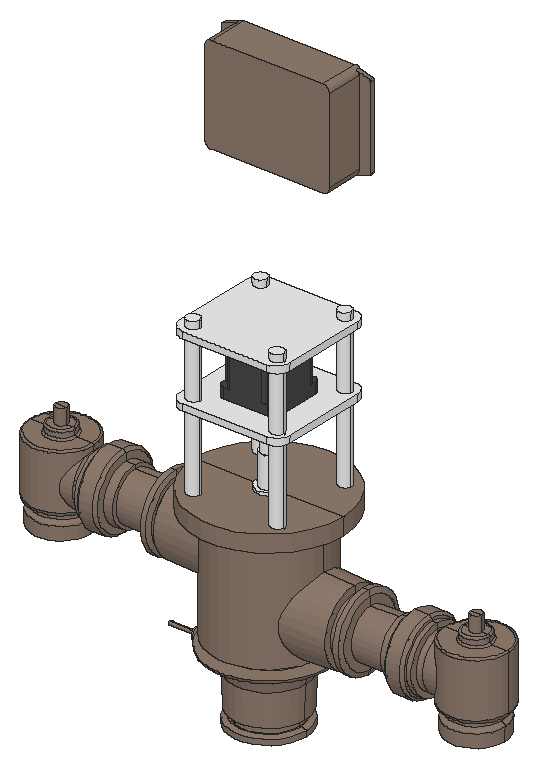
Revit family "Plumbing_Valves_Leonard-Valve_Proton-PNV-150-LF", category Pipe Accessories, Revit 2018
Family settings
  Round Connector Dimension = Use Diameter
  Part Type = Normal
  OmniClass Number = 23.65.55.14.24
  OmniClass Title = Mixing Valves for Liquid Services
  Work Plane-Based = No
  Always vertical = Yes
  Cut with Voids When Loaded = No
  Shared = No
Parameters (values of type "PNV-150-LF")
  Water Pressure Maximum = 200.0 psi  # constant formula
  URL = "http://www.leonardvalve.com"
  Product data url = "https://www.bimobject.com/leonardvalvecompany/product/pnv-150-lf"
  Product Page URL = "https://www.leonardvalve.com/products/lines/228/product/4877"
  Product Material = Bronze - Leonard Valve Company
  Product Guid = "df3a3367-1c00-4cca-b0e1-3d112534a40f"
  Piping Method = "Method W"  # constant formula
  Outlet Temperature Range = "65°F-180°F"  # constant formula
  Outlet = 1 1/2"
  Offset = 0"
  Model = "PNV-150-LF"
  Mixed Water Outlet Flow [instance] = 0.0 GPM
  Minimum Flow Rate = 0.25 GPM  # constant formula
  Maximum Pressure Drop = 50.0 psi  # constant formula
  Maximum Flow Rate = 165.0 GPM  # constant formula
  Manufacturer = "Leonard Valve"  # constant formula
  Keynote = "15400"
  Inlet = 1 1/4"
  Hot Water Inlet Flow [instance] = 0.0 GPM
  Hot Inlet Temperature Range = "120°F-180°F"  # constant formula
  Edition number = 1
  Description = "Proton-PNV-150-LF"
  Cold Water Inlet Flow [instance] = 0.0 GPM
  Cold Inlet Temperature Range = "39°F-80°F"  # constant formula
  Assembly Code = "D2090800"
Reference planes (in)
  plane 1 "Center (Front/Back)": y = 0
  plane 2: z = 0
  plane 3 "Center (Left/Right)": x = 0
  plane 4: y = 0
Dimensions and locks (in)
  "Offset": plane 4 to plane 1 "Center (Front/Back)"
  aligned and locked: level to plane 2
  aligned and locked: plane 4 to nested 1
  aligned and locked: plane 3 "Center (Left/Right)" to nested 1
Nested families (in)
  nested 1: "MEGATRON-PNV-150-LF-M Test" at (10.6363, 4.5125, 0), type "MEGATRON-PNV-150-LF-M Test"
Connectors (in)
  piping at (-8, -0.00492, 31.47458), diameter 1.25, driven by "Inlet", driven by "Hot Water Inlet Flow"
    settings: on nested 1, index 1, connector inside diameter 609.6 mm, connector length 0", flow factor 0, pipe flow 0.0 GPM, pressure drop 0.0 psi, fitting loss kfactor 0, connector angle 0.00°, fixture units 0, engagement length 0", angle of deflection 0.00°, flow configuration 0, flow direction 1, fitting loss method 0, system type 19, joint type 0, gender type 0, connector reference index -1, connector utility 0, adjustable connector no, is connector primary yes, connector description "Hot Water Inlet"
  piping at (0, 0, 27.32583), diameter 1.5, driven by "Outlet", driven by "Mixed Water Outlet Flow"
    settings: on nested 1, index 2, connector inside diameter 609.6 mm, connector length 0", flow factor 0, pipe flow 0.0 GPM, pressure drop 0.0 psi, fitting loss kfactor 0, connector angle 0.00°, fixture units 0, engagement length 0", angle of deflection 0.00°, flow configuration 0, flow direction 2, fitting loss method 0, system type 7, joint type 0, gender type 0, connector reference index -1, connector utility 0, adjustable connector no, is connector primary no, connector description "Mixed Water Outlet"
  piping at (8, -0.00492, 29.92458), diameter 1.25, driven by "Inlet", driven by "Cold Water Inlet Flow"
    settings: on nested 1, index 3, connector inside diameter 609.6 mm, connector length 0", flow factor 0, pipe flow 0.0 GPM, pressure drop 0.0 psi, fitting loss kfactor 0, connector angle 0.00°, fixture units 0, engagement length 0", angle of deflection 0.00°, flow configuration 0, flow direction 1, fitting loss method 0, system type 20, joint type 0, gender type 0, connector reference index -1, connector utility 0, adjustable connector no, is connector primary no, connector description "Cold Water Inlet"
Definition of nested family "MEGATRON-PNV-150-LF-M Test"
  Parameters (values of type "MEGATRON-PNV-150-LF-M Test")
    Product Material = none
  Reference planes (in)
    plane 1 "Center (Front/Back)": y = 0
    plane 2: z = 0
    plane 3 "Center (Left/Right)": x = 0
    plane 4 "Ref plane 1": y = -4.5125
    plane 5 "vertical 1": x = -10.6363
    plane 6 "Horizontal 1": z = 18.9
    plane 7 "ref pl 2": y = -8.0675
  Forms (in)
    Revolve 1, solid, material <- "Product Material", detail levels fine
      sketch origin (-23.98912, -4.51742, 8.84791) x (-1, 0, 0) y (0, 0, 1)
        loop
          line (-5.35282, 26.67286) -> (-5.35282, 22.62667) -> (-4.2347, 22.62667) -> (-4.2347, 23.12524)
          spline (-4.2347, 23.12524) -> (-4.23976, 23.15446) -> (-4.24769, 23.17031) -> (-4.25842, 23.18282) -> (-4.27256, 23.19168) -> (-4.2884, 23.19699) -> (-4.30432, 23.20125) -> (-4.31883, 23.20633) -> (-4.33426, 23.21498) -> (-4.3491, 23.22551) -> (-4.36021, 23.2374) -> (-4.36721, 23.2496) -> (-4.37821, 23.29254)
          line (-4.37821, 23.29254) -> (-4.37821, 23.41278)
          spline (-4.37821, 23.41278) -> (-4.35846, 23.4691) -> (-4.33929, 23.4928) -> (-4.3143, 23.5105) -> (-4.28604, 23.52189) -> (-4.25635, 23.52638) -> (-4.22464, 23.52721) -> (-4.19488, 23.53174) -> (-4.16669, 23.54345) -> (-4.14196, 23.56165) -> (-4.12275, 23.58539) -> (-4.10889, 23.61502) -> (-4.10259, 23.65317)
          line (-4.10259, 23.65317) -> (-4.10259, 25.72351)
          arc (-4.10259, 25.72351) -> (-4.1205, 25.76675) -> (-4.16375, 25.78467) r 0.06116
          line (-4.16375, 25.78467) -> (-4.76503, 25.78467)
          arc (-4.76503, 25.78467) -> (-4.81044, 25.80347) -> (-4.82924, 25.84888) r 0.06421
          line (-4.82924, 25.84888) -> (-4.82924, 26.03478)
          arc (-4.82924, 26.03478) -> (-4.84737, 26.07854) -> (-4.89113, 26.09667) r 0.06188
          line (-4.89113, 26.09667) -> (-5.13833, 26.09667) -> (-5.13833, 26.67286) -> (-5.35282, 26.67286)
        axis (-5.35282, 26.67286) -> (-5.35282, 22.62667)
      angle from 0 to 360
    Revolve 2, solid, material <- "Product Material", detail levels fine
      sketch origin (-0.25, -4.5125, 0.70312) x (0, 0, -1) y (-1, 0, 0)
        loop
          line (-34.79145, 10.3863) -> (-26.6227, 10.3863) -> (-26.6227, 11.6363) -> (-26.69308, 11.82967) -> (-26.89607, 11.82967) -> (-26.96645, 11.6363) -> (-26.96645, 11.57531) -> (-27.26645, 11.57531) -> (-27.26645, 11.78713) -> (-28.51219, 11.8226) -> (-29.26645, 12.02471) -> (-29.26645, 12.56532)
          arc (-29.26645, 12.56532) -> (-29.30306, 12.65371) -> (-29.39145, 12.69032) r 0.125
          line (-29.39145, 12.69032) -> (-29.39145, 12.01585) -> (-29.70395, 12.01585) -> (-29.70395, 12.51585) -> (-34.02216, 12.51585) -> (-34.02216, 12.59998)
          arc (-34.02216, 12.59998) -> (-34.11028, 12.63401) -> (-34.14713, 12.72098) r 0.12106
          line (-34.14713, 12.72098) -> (-34.14713, 13.2671) -> (-34.79145, 13.2671) -> (-34.79145, 10.3863)
        axis (-34.79145, 10.3863) -> (-26.6227, 10.3863)
      angle from 0 to 360
    Extrusion 3, solid, detail levels fine
      sketch origin (-2.06842, 0, 7.48958) x (1, 0, 0) y (0, 1, 0)
        loop
          line (-6.44287, -6.1425) -> (-6.44287, -2.8925)
          arc (-6.44287, -2.8925) -> (-6.58932, -2.53895) -> (-6.94287, -2.3925) r 0.5
          line (-6.94287, -2.3925) -> (-10.19287, -2.3925)
          arc (-10.19287, -2.3925) -> (-10.54643, -2.53895) -> (-10.69287, -2.8925) r 0.5
          line (-10.69287, -2.8925) -> (-10.69287, -6.1425)
          arc (-10.69287, -6.1425) -> (-10.54643, -6.49605) -> (-10.19287, -6.6425) r 0.5
          line (-10.19287, -6.6425) -> (-6.94287, -6.6425)
          arc (-6.94287, -6.6425) -> (-6.58932, -6.49605) -> (-6.44287, -6.1425) r 0.5
      from 33.51042 to 33.76042
    Extrusion 4, solid, detail levels fine
      sketch origin (-2.06842, 0, 4.98958) x (1, 0, 0) y (0, 1, 0)
        loop
          line (-10.69287, -2.8925) -> (-10.69287, -6.1425)
          arc (-10.69287, -6.1425) -> (-10.54643, -6.49605) -> (-10.19287, -6.6425) r 0.5
          line (-10.19287, -6.6425) -> (-6.94287, -6.6425)
          arc (-6.94287, -6.6425) -> (-6.58932, -6.49605) -> (-6.44287, -6.1425) r 0.5
          line (-6.44287, -6.1425) -> (-6.44287, -2.8925)
          arc (-6.44287, -2.8925) -> (-6.58932, -2.53895) -> (-6.94287, -2.3925) r 0.5
          line (-6.94287, -2.3925) -> (-10.19287, -2.3925)
          arc (-10.19287, -2.3925) -> (-10.54643, -2.53895) -> (-10.69287, -2.8925) r 0.5
      from 33.51042 to 33.76042
    Extrusion 5, solid, detail levels fine
      sketch origin (-2.06842, -3.75, 7.48958) x (1, 0, 0) y (0, 1, 0)
        loop
          circle (-10.19582, -2.39297) r 0.25
        loop
          circle (-6.94504, -2.3913) r 0.25
        loop
          circle (-10.19582, 0.86797) r 0.25
        loop
          circle (-6.94504, 0.8663) r 0.25
      from 27.36 to 34.01162
    Extrusion 6, solid, detail levels fine
      sketch origin (-2.04976, 0, 36.98958) x (1, 0, 0) y (0, 1, 0)
        loop
          line (-9.21012, -5.6275) -> (-7.95835, -5.6275)
          arc (-7.95835, -5.6275) -> (-7.87483, -5.59291) -> (-7.84024, -5.50939) r 0.11811
          line (-7.84024, -5.50939) -> (-7.84024, -5.45835)
          arc (-7.84024, -5.45835) -> (-7.78258, -5.31916) -> (-7.64338, -5.2615) r 0.19685
          line (-7.64338, -5.2615) -> (-7.59235, -5.2615)
          arc (-7.59235, -5.2615) -> (-7.50883, -5.22691) -> (-7.47424, -5.14339) r 0.11811
          line (-7.47424, -5.14339) -> (-7.47424, -3.89161)
          arc (-7.47424, -3.89161) -> (-7.50883, -3.80809) -> (-7.59235, -3.7735) r 0.11811
          line (-7.59235, -3.7735) -> (-7.64338, -3.7735)
          arc (-7.64338, -3.7735) -> (-7.78258, -3.71584) -> (-7.84024, -3.57665) r 0.19685
          line (-7.84024, -3.57665) -> (-7.84024, -3.52561)
          arc (-7.84024, -3.52561) -> (-7.87483, -3.44209) -> (-7.95835, -3.4075) r 0.11811
          line (-7.95835, -3.4075) -> (-9.21012, -3.4075)
          arc (-9.21012, -3.4075) -> (-9.29364, -3.44209) -> (-9.32824, -3.52561) r 0.11811
          line (-9.32824, -3.52561) -> (-9.32824, -3.57665)
          arc (-9.32824, -3.57665) -> (-9.38589, -3.71584) -> (-9.52509, -3.7735) r 0.19685
          line (-9.52509, -3.7735) -> (-9.57612, -3.7735)
          arc (-9.57612, -3.7735) -> (-9.65964, -3.80809) -> (-9.69424, -3.89161) r 0.11811
          line (-9.69424, -3.89161) -> (-9.69424, -5.14339)
          arc (-9.69424, -5.14339) -> (-9.65964, -5.22691) -> (-9.57612, -5.2615) r 0.11811
          line (-9.57612, -5.2615) -> (-9.52509, -5.2615)
          arc (-9.52509, -5.2615) -> (-9.38589, -5.31916) -> (-9.32824, -5.45835) r 0.19685
          line (-9.32824, -5.45835) -> (-9.32824, -5.50939)
          arc (-9.32824, -5.50939) -> (-9.29364, -5.59291) -> (-9.21012, -5.6275) r 0.11811
      from 2.15412 to 3.54304
    Revolve 7, solid, material <- "Product Material", detail levels fine
      sketch origin (-7.98888, -4.51742, 7.29791) x (-1, 0, 0) y (0, 0, 1)
        loop
          line (-5.35258, 26.67286) -> (-5.35258, 22.62667) -> (-4.23446, 22.62667) -> (-4.23446, 23.12524)
          spline (-4.23446, 23.12524) -> (-4.23953, 23.15446) -> (-4.24745, 23.17031) -> (-4.25819, 23.18282) -> (-4.27232, 23.19168) -> (-4.28816, 23.19699) -> (-4.30408, 23.20125) -> (-4.3186, 23.20633) -> (-4.33402, 23.21498) -> (-4.34886, 23.22551) -> (-4.35997, 23.2374) -> (-4.36697, 23.2496) -> (-4.37797, 23.29254)
          line (-4.37797, 23.29254) -> (-4.37797, 23.41278)
          spline (-4.37797, 23.41278) -> (-4.35822, 23.4691) -> (-4.33905, 23.4928) -> (-4.31406, 23.5105) -> (-4.2858, 23.52189) -> (-4.25611, 23.52638) -> (-4.2244, 23.52721) -> (-4.19464, 23.53174) -> (-4.16645, 23.54345) -> (-4.14172, 23.56165) -> (-4.12251, 23.58539) -> (-4.10865, 23.61502) -> (-4.10235, 23.65317)
          line (-4.10235, 23.65317) -> (-4.10235, 25.72351)
          arc (-4.10235, 25.72351) -> (-4.12026, 25.76675) -> (-4.16351, 25.78467) r 0.06116
          line (-4.16351, 25.78467) -> (-4.76479, 25.78467)
          arc (-4.76479, 25.78467) -> (-4.8102, 25.80347) -> (-4.829, 25.84888) r 0.06421
          line (-4.829, 25.84888) -> (-4.829, 26.03478)
          arc (-4.829, 26.03478) -> (-4.84713, 26.07854) -> (-4.89089, 26.09667) r 0.06188
          line (-4.89089, 26.09667) -> (-5.13809, 26.09667) -> (-5.13809, 26.67286) -> (-5.35258, 26.67286)
        axis (-5.35258, 26.67286) -> (-5.35258, 22.62667)
      angle from 0 to 360
    Revolve 8, solid, material <- "Product Material", detail levels fine
      sketch origin (0, -4.5125, 0) x (0, 0, -1) y (-1, 0, 0)
        loop
          line (-34.80958, 13.9363) -> (-34.88173, 12.07141) -> (-33.38684, 12.07141) -> (-33.38684, 18.10164) -> (-34.41828, 18.10164) -> (-34.41828, 17.38691)
          arc (-34.41828, 17.38691) -> (-34.31092, 17.2536) -> (-34.41828, 17.1203) r 0.13644
          line (-34.41828, 17.1203) -> (-34.63823, 17.1203) -> (-34.63823, 16.9233) -> (-34.74009, 16.9233) -> (-34.84009, 16.8233) -> (-34.84009, 16.2733) -> (-34.74009, 16.1733) -> (-34.46208, 16.1733) -> (-34.46208, 15.7953) -> (-34.33119, 15.7953) -> (-34.33119, 14.5003) -> (-34.64958, 14.5003) -> (-34.84295, 14.42991) -> (-34.84295, 14.22693) -> (-34.64958, 14.15655) -> (-34.55958, 14.15655) -> (-34.55958, 13.9363) -> (-34.80958, 13.9363)
        axis (-33.38684, 18.10164) -> (-33.38684, 12.07141)
      angle from 0 to 360
    Revolve 9, solid, material <- "Product Material", detail levels fine
      sketch origin (8.85, -4.5125, -1.41659) x (0, 0, -1) y (-1, 0, 0)
        loop
          line (-34.68458, 16.18873) -> (-34.43458, 16.18873) -> (-34.43458, 15.92105) -> (-34.52458, 15.92105) -> (-34.71795, 15.85066) -> (-34.71795, 15.64768) -> (-34.52458, 15.5773) -> (-34.20619, 15.5773) -> (-34.20619, 14.32973) -> (-34.33708, 14.32973) -> (-34.33708, 13.95173) -> (-34.58476, 13.95173) -> (-34.68979, 13.8467) -> (-34.68979, 13.30145) -> (-34.59007, 13.20173) -> (-34.51323, 13.20173) -> (-34.51323, 13.00473) -> (-34.29328, 13.00473)
          arc (-34.29328, 13.00473) -> (-34.18592, 12.87142) -> (-34.29328, 12.73811) r 0.13644
          line (-34.29328, 12.73811) -> (-34.29328, 12.02338) -> (-33.26184, 12.02338) -> (-33.26184, 18.05361) -> (-34.75673, 18.05361) -> (-34.68458, 16.18873)
        axis (-33.26184, 12.02338) -> (-33.26184, 18.05361)
      angle from 0 to 360
    Extrusion 10, solid, detail levels fine
      sketch origin (0, 0, 18.9) x (-1, 0, 0) y (0, -1, 0)
        loop
          line (9.774, 3.4075) -> (11.47852, 3.4075)
          arc (11.47852, 3.4075) -> (11.66624, 3.48526) -> (11.744, 3.67298) r 0.26548
          line (11.744, 3.67298) -> (11.744, 5.36358)
          arc (11.744, 5.36358) -> (11.6667, 5.5502) -> (11.48008, 5.6275) r 0.26392
          line (11.48008, 5.6275) -> (9.774, 5.6275)
          arc (9.774, 5.6275) -> (9.59722, 5.55428) -> (9.524, 5.3775) r 0.25
          line (9.524, 5.3775) -> (9.524, 3.6575)
          arc (9.524, 3.6575) -> (9.59722, 3.48072) -> (9.774, 3.4075) r 0.25
      from 19.85 to 20.2437
    Revolve 11, solid, material <- "Product Material", detail levels fine
      sketch origin (0, -4.5125, 48.75) x (0, 0, -1) y (-1, 0, 0)
        loop
          line (18.95566, 12.8266) -> (18.95566, 12.63684) -> (18.99697, 12.61172) -> (19.04987, 12.61172) -> (19.04987, 12.48672) -> (18.8297, 12.48672) -> (18.8297, 11.7952) -> (19.28042, 11.7952) -> (19.28042, 14.45172) -> (19.21669, 14.45172) -> (19.21669, 13.45172) -> (19.06216, 13.45172) -> (19.06216, 13.39325) -> (19.02783, 13.37343) -> (19.02783, 12.98172) -> (19.15297, 12.98172) -> (19.15297, 12.85172) -> (18.99917, 12.85172) -> (18.95566, 12.8266)
        axis (19.28042, 14.45172) -> (19.28042, 11.7952)
      angle from 0 to 360
    Revolve 12, solid, detail levels fine
      sketch origin (0, -4.5125, 48.75) x (0, 0, -1) y (-1, 0, 0)
        loop
          line (10.25, 10.6363) -> (13.25542, 10.6363) -> (13.25542, 11.13619) -> (13.15542, 11.13619) -> (13.15542, 10.97039) -> (11.97, 10.97039) -> (11.97, 10.92338) -> (11.22, 10.92338) -> (11.22, 10.87939) -> (11.06375, 10.87939) -> (11.06375, 10.76191) -> (10.92963, 10.76191) -> (10.81924, 10.82564) -> (10.25, 10.82564) -> (10.25, 10.6363)
        axis (13.25542, 10.6363) -> (10.25, 10.6363)
      angle from 0 to 360
    Extrusion 13, solid, material <- "Product Material", detail levels fine
      sketch origin (0, -4.5125, 48.75) x (0, 0, -1) y (-1, 0, 0)
        loop
          arc (-1.46496, 8.4863) -> (-1.39174, 8.30952) -> (-1.21496, 8.2363) r 0.25
          line (-1.21496, 8.2363) -> (2.03504, 8.2363)
          arc (2.03504, 8.2363) -> (2.21182, 8.30952) -> (2.28504, 8.4863) r 0.25
          line (2.28504, 8.4863) -> (2.28504, 12.7863)
          arc (2.28504, 12.7863) -> (2.21182, 12.96307) -> (2.03504, 13.0363) r 0.25
          line (2.03504, 13.0363) -> (-1.21496, 13.0363)
          arc (-1.21496, 13.0363) -> (-1.39174, 12.96307) -> (-1.46496, 12.7863) r 0.25
          line (-1.46496, 12.7863) -> (-1.46496, 8.4863)
      from -0.07623 to 1.47455
    Extrusion 14, solid, material <- "Product Material", detail levels fine
      sketch origin (0, -4.5125, 48.75) x (0, 0, -1) y (-1, 0, 0)
        loop
          arc (-1.1704, 13.5113) -> (-1.20668, 13.49969) -> (-1.22949, 13.46917) r 0.0625
          line (-1.22949, 13.46917) -> (-1.41183, 12.94039)
          arc (-1.41183, 12.94039) -> (-1.32445, 13.01104) -> (-1.21496, 13.0363) r 0.25
          line (-1.21496, 13.0363) -> (2.03504, 13.0363)
          arc (2.03504, 13.0363) -> (2.14453, 13.01104) -> (2.2319, 12.94039) r 0.25
          line (2.2319, 12.94039) -> (2.04956, 13.46917)
          arc (2.04956, 13.46917) -> (2.02676, 13.49969) -> (1.99048, 13.5113) r 0.0625
          line (1.99048, 13.5113) -> (-1.1704, 13.5113)
        loop
          arc (-1.22949, 7.80342) -> (-1.20668, 7.77291) -> (-1.1704, 7.7613) r 0.0625
          line (-1.1704, 7.7613) -> (1.99048, 7.7613)
          arc (1.99048, 7.7613) -> (2.02676, 7.77291) -> (2.04956, 7.80342) r 0.0625
          line (2.04956, 7.80342) -> (2.2319, 8.3322)
          arc (2.2319, 8.3322) -> (2.14453, 8.26155) -> (2.03504, 8.2363) r 0.25
          line (2.03504, 8.2363) -> (-1.21496, 8.2363)
          arc (-1.21496, 8.2363) -> (-1.32445, 8.26155) -> (-1.41183, 8.3322) r 0.25
          line (-1.41183, 8.3322) -> (-1.22949, 7.80342)
      from 1.32101 to 1.47455
  Cuts and joins
    joined: Revolve 1, Revolve 2, Revolve 7, Revolve 9
    joined: Extrusion 6, Extrusion 10
    joined: Extrusion 13, Extrusion 14
  Lines and regions (in)
    Masking region 1, detail levels coarse+medium
      outline origin (0, 0, 18.9) x (-1, 0, 0) y (0, -1, 0)
        loop
          circle (10.6363, 4.5125) r 2.8808
    model lines, detail levels coarse+medium
      curve 1: line (-18.6363, -4.50422, 33.47237) -> (-18.6363, -4.50422, 31.54737)
      curve 2: line (-13.9363, -4.50422, 33.47237) -> (-18.6363, -4.50422, 33.47237)
      curve 3: line (-13.9363, -4.50422, 33.47237) -> (-12.05318, -4.50422, 33.47237)
      curve 4: line (-7.3363, -4.50422, 31.92237) -> (-2.6363, -4.50422, 31.92237)
      curve 5: line (-2.6363, -4.50422, 29.99737) -> (-2.6363, -4.50422, 31.92237)
      curve 6: line (-18.6363, -4.50422, 31.54737) -> (-19.07575, -4.50422, 31.54737)
      curve 7: line (-18.6363, -4.50422, 31.54737) -> (-18.19684, -4.50422, 31.54737)
      curve 8: line (-10.6363, -4.50422, 33.47237) -> (-12.05318, -4.50422, 33.98807)
      curve 9: line (-12.05318, -4.50422, 33.98807) -> (-12.05318, -4.50422, 33.47237)
      curve 10: line (-10.6363, -4.50422, 33.47237) -> (-12.05318, -4.50422, 32.95667)
      curve 11: line (-12.05318, -4.50422, 32.95667) -> (-12.05318, -4.50422, 33.47237)
      curve 12: line (-10.6363, -4.50422, 33.47237) -> (-9.21942, -4.50422, 33.98807)
      curve 13: line (-9.21942, -4.50422, 33.98807) -> (-9.21942, -4.50422, 33.47237)
      curve 14: line (-10.6363, -4.50422, 33.47237) -> (-9.21942, -4.50422, 32.95667)
      curve 15: line (-9.21942, -4.50422, 32.95667) -> (-9.21942, -4.50422, 33.47237)
      curve 16: line (-9.21942, -4.50422, 33.47237) -> (-8.97502, -4.50422, 33.47237)
      curve 17: line (-2.6363, -4.50422, 29.99737) -> (-2.19489, -4.50422, 29.99737)
      curve 18: line (-2.6363, -4.50422, 29.99737) -> (-3.0777, -4.50422, 29.99737)
      curve 19: line (-10.6363, -4.50422, 33.47237) -> (-10.6363, -4.50422, 34.22237)
      curve 20: circle (-10.6363, -4.50422, 34.72237) r 0.5 normal (0, -1, 0)
      curve 21: line (-8.97502, -4.50422, 33.47237) -> (-8.97502, -4.50422, 31.92237)
      curve 22: line (-8.97502, -4.50422, 31.92237) -> (-7.3363, -4.50422, 31.92237)
      curve 23: line (-10.6363, -4.5125, 33.47237) -> (-10.6363, -4.5125, 27.32583)
    symbolic lines, detail levels coarse+medium
      curve 24: line (-18.6363, -4.50422, 18.9) -> (-13.51708, -4.50422, 18.9)
      curve 25: line (-2.6363, -4.50422, 18.9) -> (-7.75551, -4.50422, 18.9)
      curve 26: line (-4.71965, -3.20199, 18.9) -> (-4.71965, -5.77026, 18.9)
      curve 27: line (-16.57298, -3.20869, 18.9) -> (-16.57298, -5.70869, 18.9)
  Dimensions and locks (in)
    plane 1 "Center (Front/Back)" to plane 4 "Ref plane 1" to plane 7 "ref pl 2" = 4.5125" locked, 3.555" locked
    aligned and locked: level to plane 2
